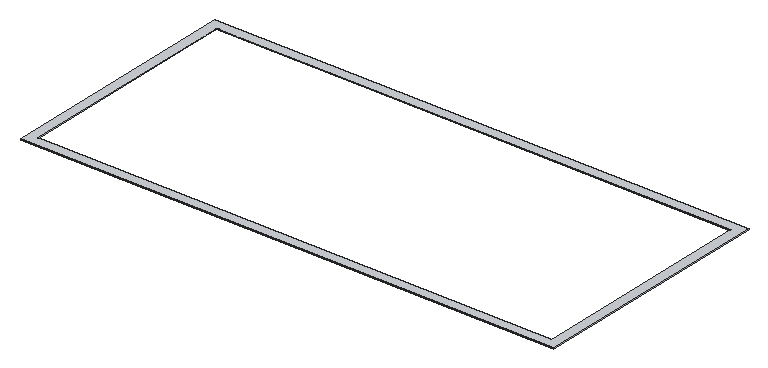
Revit family "线性矩形停车位", category 停车场, Revit 2018
Family settings
  加载时剪切的空心 = 否
  共享 = 否
Parameters
  built-in parameter 1001306 [instance] = 1200 mm
  车位长 = 5500 mm
  材质 = none
  车位宽 = 2500 mm
  a = 100 mm  # constant formula
Reference planes
  plane 1 "中心(前/后)": y = 0
  plane 2: z = 0
  plane 3 "左": x = 0
  plane 4 "右": x = 1200
  plane 5: y = -2500
  plane 6: x = 5500
Forms (mm)
  Extrusion 1, solid, material <- "材质"
    sketch origin (0, 0, 0) x (1, 0, 0) y (0, 1, 0)
      loop
        line (0, 0) -> (0, -2500) -> (5500, -2500) -> (5500, 0) -> (0, 0)
      loop
        line (100, -100) -> (100, -2400) -> (5400, -2400) -> (5400, -100) -> (100, -100)
    from 0 to 5
Lines and regions (mm)
  reference lines
    curve 1: line (0, 0, 0) -> (1200, 0, 0)
Dimensions and locks
  "built-in parameter 1001306": plane 3 "左" to plane 4 "右"
  "车位宽": plane 1 "中心(前/后)" to plane 5
  "a": Extrusion 1 sketch curve to Extrusion 1 sketch curve  (x4)
  "车位长": plane 3 "左" to plane 6
  aligned and locked: plane 4 "右" to curve 1
  aligned and locked: plane 1 "中心(前/后)" to curve 1
  aligned and locked: plane 3 "左" to curve 1
  aligned and locked: level to plane 2
  aligned and locked: Extrusion 1 sketch curve to curve 1
  aligned and locked: Extrusion 1 sketch curve to plane 3 "左"
  aligned and locked: Extrusion 1 sketch curve to plane 5
  aligned and locked: Extrusion 1 sketch curve to plane 6
